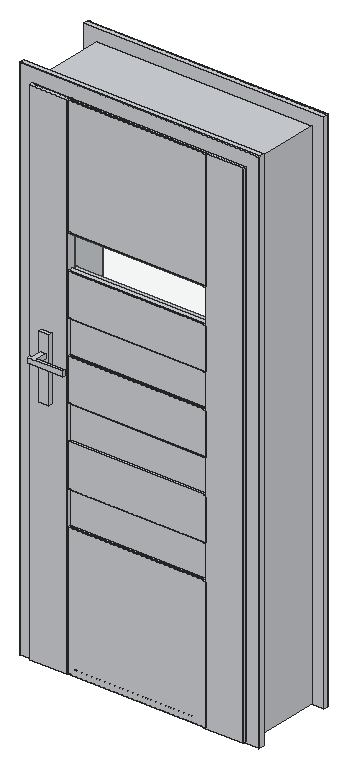
Revit family "porta_koncept_H1", category Drzwi, Revit 2016
Family settings
  Obiekt nadrzędny = Ściana
  Zawsze pionowo = Tak
  Tnij formami wycięć po wczytaniu = Nie
  Współdzielony = Nie
  Punkt obliczania pomieszczeń = Nie
Parameters (values of type "PN 80")
  Wysokość brutto = 2060 mm
  Szerokość brutto = 880 mm
  Model = "Koncept"
  Konstrukcja analityczna = "<Brak>"
  Funkcja = Wewnętrzna
  URL = "www.porta.com.pl"
  Ss = 844 mm
  Sb = 846 mm
  Producent = "PORTA KMI POLAND"
  Keynote = ""
  Description = ""
  Wysokość = 2016 mm
  Zakończenie ściany = Wg obiektu nadrzędnego
  Szerokość = 800 mm
  Materiał_skrzydło [instance] = none
  Materiał_ościeżnica [instance] = none
  Materiał_klamka [instance] = none
  Informacja = "Własność Porta KMI Poland, wszelkie prawa zastrzeżone."  # constant formula
  Hs = 2030 mm
Types (6, lengths in mm): name | Szerokość brutto | Model | Ss | Sb | Description | Szerokość
  PN 70 | 780 | 0 | 744 | 746 | "Biblioteki CAD produktów firmy PORTA KMI POLAND wraz z ich wizualizacjami są chronione prawami własności przemysłowej i intelektualnej. Można je wykorzystywać do handlowych celów osobistych poprzez zastosowanie w projektach, jednak nie wolno ich powielać, modyfikować, licencjonować ani publikować, w całości ani w części, chyba że celem przeglądania, bez uprzedniej pisemnej zgody PORTA KMI Poland. www.porta.com.pl" | 700
  PN 60 | 680 | 0 | 644 | 646 | "Biblioteki CAD produktów firmy PORTA KMI POLAND wraz z ich wizualizacjami są chronione prawami własności przemysłowej i intelektualnej. Można je wykorzystywać do handlowych celów osobistych poprzez zastosowanie w projektach, jednak nie wolno ich powielać, modyfikować, licencjonować ani publikować, w całości ani w części, chyba że celem przeglądania, bez uprzedniej pisemnej zgody PORTA KMI Poland. www.porta.com.pl" | 600
  PN 80 | 880 | "Koncept" | 844 | 846 | "" | 800
  PN 90 | 980 | 0 | 944 | 946 | "Biblioteki CAD produktów firmy PORTA KMI POLAND wraz z ich wizualizacjami są chronione prawami własności przemysłowej i intelektualnej. Można je wykorzystywać do handlowych celów osobistych poprzez zastosowanie w projektach, jednak nie wolno ich powielać, modyfikować, licencjonować ani publikować, w całości ani w części, chyba że celem przeglądania, bez uprzedniej pisemnej zgody PORTA KMI Poland. www.porta.com.pl" | 900
  PN 100 | 1080 | 0 | 1044 | 1046 | "Biblioteki CAD produktów firmy PORTA KMI POLAND wraz z ich wizualizacjami są chronione prawami własności przemysłowej i intelektualnej. Można je wykorzystywać do handlowych celów osobistych poprzez zastosowanie w projektach, jednak nie wolno ich powielać, modyfikować, licencjonować ani publikować, w całości ani w części, chyba że celem przeglądania, bez uprzedniej pisemnej zgody PORTA KMI Poland. www.porta.com.pl" | 1000
  PN 110 | 1180 | 0 | 1144 | 1146 | "Biblioteki CAD produktów firmy PORTA KMI POLAND wraz z ich wizualizacjami są chronione prawami własności przemysłowej i intelektualnej. Można je wykorzystywać do handlowych celów osobistych poprzez zastosowanie w projektach, jednak nie wolno ich powielać, modyfikować, licencjonować ani publikować, w całości ani w części, chyba że celem przeglądania, bez uprzedniej pisemnej zgody PORTA KMI Poland. www.porta.com.pl" | 1100
Reference planes
  plane 1: y = 0
  plane 2 "Środek (Lewa/Prawa)": x = 0
  plane 3 "Lewy": x = -440
  plane 4 "Prawy": x = 440
  plane 5: z = 2060
  plane 6 "Zewnętrzna": y = 150
  plane 7 "Wewnętrzna": y = -150
  plane 8 "skrzydło": y = -144.5
Forms (mm)
  Sweep 1, solid, material <- "Materiał_ościeżnica"
    path in 3D
      loop
        line (-440, -150, 0) -> (-440, -150, 2060) -> (440, -150, 2060) -> (440, -150, 0)
    profile origin (-440, -150, 1030) x (0, -1, 0) y (1, 0, 0)
      loop
        line (-10, 39) -> (-72, 39) -> (-72, 17) -> (0, 17) -> (0, -33) -> (16, -33)
        arc (16, -33) -> (18.121, -32.121) -> (19, -30) r 3
        line (19, -30) -> (19, 24)
        arc (19, 24) -> (18.121, 26.121) -> (16, 27) r 3
        line (16, 27) -> (-10, 27) -> (-10, 39)
  Sweep 2, solid, material <- "Materiał_ościeżnica"
    path in 3D
      loop
        line (440, 150, 0) -> (440, 150, 2060) -> (-440, 150, 2060) -> (-440, 150, 0)
    profile origin (-440, 150, 1030) x (1, 0, 0) y (0, 1, 0)
      loop
        line (-33, 0) -> (17, 0) -> (17, -228) -> (39, -228) -> (39, -1)
        arc (39, -1) -> (37.536, 2.536) -> (34, 4) r 5
        line (34, 4) -> (25, 4) -> (25, 16)
        arc (25, 16) -> (24.121, 18.121) -> (22, 19) r 3
        line (22, 19) -> (-30, 19)
        arc (-30, 19) -> (-32.121, 18.121) -> (-33, 16) r 3
        line (-33, 16) -> (-33, 0)
  Sweep 3, solid, not visible
    path in 3D
      loop
        line (-440, -150, 0) -> (-440, -150, 2060)
    profile origin (-440, -150, 1030) x (0, -1, 0) y (1, 0, 0)
      loop
        line (-151, 17) -> (-149, 17) -> (-149, 19) -> (-151, 19) -> (-151, 17)
Cuts and joins
  joined: Sweep 1, Sweep 2
Lines and regions (mm)
  Opening 1
    outline origin (-3050, -150, 0) x (1, 0, 0) y (0, 0, 1)
      loop
        line (2610, 0) -> (3490, 0) -> (3490, 2060) -> (2610, 2060) -> (2610, 0)
  sketch lines
    curve 1: line (-440, -150, 0) -> (-440, -150, 2060)
    curve 2: line (-440, -150, 2060) -> (440, -150, 2060)
    curve 3: line (440, -150, 2060) -> (440, -150, 0)
    curve 4: line (-440, 150, 2060) -> (-440, 150, 0)
    curve 5: line (440, 150, 2060) -> (-440, 150, 2060)
    curve 6: line (440, 150, 0) -> (440, 150, 2060)
    curve 12: line (-440, -150, 0) -> (-440, -150, 2060)
  symbolic lines, style "DoorsPanelProjection"
    curve 7: line (422, -150, 0) -> (422, -994, 0)
    curve 8: line (422, -994, 0) -> (382, -994, 0)
    curve 9: line (382, -994, 0) -> (382, -150, 0)
    curve 10: line (382, -150, 0) -> (422, -150, 0)
  symbolic lines, style "Ugięcie rzutu"
    curve 11: arc (-422, -150, 0) -> (-174.798, -746.798, 0) -> (422, -994, 0) r 844
Text (mm)
  text "Zewnętrzna" at (-2295.016, 1099.543, 0), in view "Poziom odniesienia"
  text "Zewnętrzna" at (0, 1615.38, 3698.081), in view "Lewy"
  text "Zewnętrzna" at (0, 1036.032, 3874.932), in view "Prawy"
Dimensions and locks
  equal spacing: plane 3 "Lewy", plane 2 "Środek (Lewa/Prawa)", plane 4 "Prawy"
  "Szerokość brutto": plane 3 "Lewy" to plane 4 "Prawy"
  "Wysokość brutto": plane 5 to host wall
  host wall to plane 5 = 2060 mm  (x2)
  locked: plane 6 "Zewnętrzna" to host wall at 0
  locked: plane 7 "Wewnętrzna" to host wall
  "Sb": Sweep 1 to Sweep 1
  locked: Sweep 1 sketch curve to Sweep 1 sketch curve at 22
  Sweep 1 sketch curve to Sweep 1 sketch curve = 50 mm
  locked: Sweep 1 sketch curve to profile plane at 72
  locked: Sweep 2 sketch curve to Sweep 2 sketch curve at 50
  locked: Sweep 2 sketch curve to Sweep 2 sketch curve at 22
  locked: Sweep 2 sketch curve to plane 6 "Zewnętrzna" at 1
  locked: curve 9 to curve 7 at 40
  "Ss": curve 8 to curve 10
  equal spacing: curve 11, plane 2 "Środek (Lewa/Prawa)", curve 7
  locked: plane 7 "Wewnętrzna" to plane 8 "skrzydło" at 5.5
  locked: host wall to Sweep 3 sketch curve at 1
  locked: Sweep 3 sketch curve to host wall at 1
  locked: Sweep 3 sketch curve to plane 6 "Zewnętrzna" at 151
  locked: plane 7 "Wewnętrzna" to Sweep 3 sketch curve at 151
  equal spacing: nested 1, plane 2 "Środek (Lewa/Prawa)", nested 1
  locked: nested 1 to level at 8
  aligned and locked: plane 3 "Lewy" to Opening 1 sketch curve
  aligned and locked: plane 5 to Opening 1 sketch curve  (x2)
  aligned and locked: Opening 1 sketch curve to plane 4 "Prawy"
  aligned and locked: Opening 1 sketch curve to level
  aligned and locked: plane 1 to host wall
  aligned and locked: Sweep 1 to Sweep 2 sketch curve
  aligned and locked: plane 7 "Wewnętrzna" to curve 10
  aligned and locked: Sweep 3 sketch curve to cut or joined group of Sweep 1, Sweep 2
  aligned and locked: Sweep 2 sketch curve to cut or joined group of Sweep 1, Sweep 2
  aligned and locked: nested 1 to plane 8 "skrzydło"
Automatic sketch dimensions
  profile plane to Sweep 1 sketch curve = 10 mm
  Sweep 1 sketch curve to profile plane = 16 mm  (x2)
  Sweep 1 sketch curve to Sweep 1 sketch curve = 3 mm
  profile plane to Sweep 1 sketch curve = 17 mm
  Sweep 1 sketch curve to Sweep 1 sketch curve = 7 mm
  Sweep 1 sketch curve to profile plane = 0 mm
  Sweep 2 sketch curve to profile plane = 0 mm
  Sweep 2 sketch curve to profile plane = 16 mm
  Sweep 2 sketch curve to Sweep 2 sketch curve = 3 mm
  Sweep 2 sketch curve to Sweep 2 sketch curve = 5 mm
  Sweep 2 sketch curve to profile plane = 4 mm
  Sweep 2 sketch curve to Sweep 2 sketch curve = 8 mm
  curve 11 to host wall = 0 mm
  Sweep 3 sketch curve to Sweep 3 sketch curve = 2 mm
Nested families
  nested 1: "skrzydło" at (0, -151, 0), Materiał_klamka <- "Materiał_klamka", Materiał_skrzydło <- "Materiał_skrzydło", type "skrzydło"
    with Materiał_skrzydło none, Materiał_klamka none
Definition of nested family "skrzydło"
  Parameters
    Ss = 844 mm
    Materiał_skrzydło [instance] = none
    Materiał_klamka [instance] = none
    Hs = 2030 mm
  Reference planes
    plane 1 "Tył": y = 6.5
    plane 2: z = 0
    plane 3 "Środek (Lewa/Prawa)": x = 0
    plane 4 "Lewa": x = -422
    plane 5 "Prawa": x = 422
    plane 6 "Przód": y = -33.5
    plane 7: z = 2038
    plane 8 "Centrum": y = -13.5
    plane 9: x = -409
    plane 10: z = 8
    plane 11: x = 409
    plane 12: x = -272
    plane 13: x = 272
    plane 14: z = 2025
  Forms (mm)
    Extrusion 1, solid, material <- "Materiał_skrzydło"
      sketch origin (-1191.728, -1524, 8) x (-1, 0, 0) y (0, -1, 0)
        loop
          line (-1465.378, -1490.5) -> (-1612.078, -1490.5)
          arc (-1612.078, -1490.5) -> (-1613.244, -1490.983) -> (-1613.728, -1492.15) r 1.65
          line (-1613.728, -1492.15) -> (-1613.728, -1501.85)
          arc (-1613.728, -1501.85) -> (-1613.244, -1503.017) -> (-1612.078, -1503.5) r 1.65
          line (-1612.078, -1503.5) -> (-1602.078, -1503.5)
          arc (-1602.078, -1503.5) -> (-1601.123, -1503.895) -> (-1600.728, -1504.85) r 1.35
          line (-1600.728, -1504.85) -> (-1600.728, -1528.85)
          arc (-1600.728, -1528.85) -> (-1600.244, -1530.017) -> (-1599.078, -1530.5) r 1.65
          line (-1599.078, -1530.5) -> (-1465.378, -1530.5)
          arc (-1465.378, -1530.5) -> (-1464.211, -1530.017) -> (-1463.728, -1528.85) r 1.65
          line (-1463.728, -1528.85) -> (-1463.728, -1492.15)
          arc (-1463.728, -1492.15) -> (-1464.211, -1490.983) -> (-1465.378, -1490.5) r 1.65
      from 0 to 2030
    Extrusion 2, void
      sketch origin (0, 0, 0) x (0, -1, 0) y (0, 0, 1)
        loop
          line (-6.5, 2025) -> (20.5, 2025) -> (20.5, 2038) -> (-6.5, 2038) -> (-6.5, 2025)
      from -422 to 422
    Extrusion 3, solid, material <- "Materiał_skrzydło"
      sketch origin (0, 0, 0) x (0, 1, 0) y (0, 0, 1)
        loop
          line (4, 1568.15) -> (4, 2023.35)
          arc (4, 2023.35) -> (3.517, 2024.517) -> (2.35, 2025) r 1.65
          line (2.35, 2025) -> (-19.15, 2025)
          arc (-19.15, 2025) -> (-20.105, 2025.395) -> (-20.5, 2026.35) r 1.35
          line (-20.5, 2026.35) -> (-20.5, 2036.35)
          arc (-20.5, 2036.35) -> (-20.983, 2037.517) -> (-22.15, 2038) r 1.65
          line (-22.15, 2038) -> (-29.35, 2038)
          arc (-29.35, 2038) -> (-30.517, 2037.517) -> (-31, 2036.35) r 1.65
          line (-31, 2036.35) -> (-31, 1568.15)
          arc (-31, 1568.15) -> (-30.517, 1566.983) -> (-29.35, 1566.5) r 1.65
          line (-29.35, 1566.5) -> (2.35, 1566.5)
          arc (2.35, 1566.5) -> (3.517, 1566.983) -> (4, 1568.15) r 1.65
        loop
          line (2.35, 529.5) -> (-29.35, 529.5)
          arc (-29.35, 529.5) -> (-30.517, 529.017) -> (-31, 527.85) r 1.65
          line (-31, 527.85) -> (-31, 9.65)
          arc (-31, 9.65) -> (-30.517, 8.483) -> (-29.35, 8) r 1.65
          line (-29.35, 8) -> (-25, 8)
          arc (-25, 8) -> (-23.833, 8.483) -> (-23.35, 9.65) r 1.65
          arc (-23.35, 9.65) -> (-22.955, 10.605) -> (-22, 11) r 1.35
          line (-22, 11) -> (-5, 11)
          arc (-5, 11) -> (-4.045, 10.605) -> (-3.65, 9.65) r 1.35
          arc (-3.65, 9.65) -> (-3.167, 8.483) -> (-2, 8) r 1.65
          line (-2, 8) -> (2.35, 8)
          arc (2.35, 8) -> (3.517, 8.483) -> (4, 9.65) r 1.65
          line (4, 9.65) -> (4, 527.85)
          arc (4, 527.85) -> (3.517, 529.017) -> (2.35, 529.5) r 1.65
        loop
          line (2.35, 831.25) -> (-29.35, 831.25)
          arc (-29.35, 831.25) -> (-30.517, 830.767) -> (-31, 829.6) r 1.65
          line (-31, 829.6) -> (-31, 662.9)
          arc (-31, 662.9) -> (-30.517, 661.733) -> (-29.35, 661.25) r 1.65
          line (-29.35, 661.25) -> (2.35, 661.25)
          arc (2.35, 661.25) -> (3.517, 661.733) -> (4, 662.9) r 1.65
          line (4, 662.9) -> (4, 829.6)
          arc (4, 829.6) -> (3.517, 830.767) -> (2.35, 831.25) r 1.65
        loop
          line (2.35, 1133) -> (-29.35, 1133)
          arc (-29.35, 1133) -> (-30.517, 1132.517) -> (-31, 1131.35) r 1.65
          line (-31, 1131.35) -> (-31, 964.65)
          arc (-31, 964.65) -> (-30.517, 963.483) -> (-29.35, 963) r 1.65
          line (-29.35, 963) -> (2.35, 963)
          arc (2.35, 963) -> (3.517, 963.483) -> (4, 964.65) r 1.65
          line (4, 964.65) -> (4, 1131.35)
          arc (4, 1131.35) -> (3.517, 1132.517) -> (2.35, 1133) r 1.65
        loop
          line (2.35, 1434.75) -> (-29.35, 1434.75)
          arc (-29.35, 1434.75) -> (-30.517, 1434.267) -> (-31, 1433.1) r 1.65
          line (-31, 1433.1) -> (-31, 1266.4)
          arc (-31, 1266.4) -> (-30.517, 1265.233) -> (-29.35, 1264.75) r 1.65
          line (-29.35, 1264.75) -> (2.35, 1264.75)
          arc (2.35, 1264.75) -> (3.517, 1265.233) -> (4, 1266.4) r 1.65
          line (4, 1266.4) -> (4, 1433.1)
          arc (4, 1433.1) -> (3.517, 1434.267) -> (2.35, 1434.75) r 1.65
      from -272 to 272
    Extrusion 4, solid
      sketch origin (-892.016, -13.5, 1200) x (-1, 0, 0) y (0, 0, 1)
        loop
          line (-620.016, 366.5) -> (-1164.016, 366.5) -> (-1164.016, 234.75) -> (-620.016, 234.75) -> (-620.016, 366.5)
      from -2 to 2
    Extrusion 5, solid, material <- "Materiał_skrzydło"
      sketch origin (-892.016, -13.5, 1200) x (-1, 0, 0) y (0, 0, 1)
        loop
          line (-620.016, -67) -> (-620.016, 64.75) -> (-1164.016, 64.75) -> (-1164.016, -67) -> (-620.016, -67)
      from -6 to 6
    Extrusion 6, solid, material <- "Materiał_skrzydło"
      sketch origin (-892.016, -13.5, 1200) x (-1, 0, 0) y (0, 0, 1)
        loop
          line (-620.016, -237) -> (-1164.016, -237) -> (-1164.016, -368.75) -> (-620.016, -368.75) -> (-620.016, -237)
      from -6 to 6
    Extrusion 7, solid, material <- "Materiał_skrzydło"
      sketch origin (-892.016, -13.5, 1200) x (-1, 0, 0) y (0, 0, 1)
        loop
          line (-620.016, -538.75) -> (-1164.016, -538.75) -> (-1164.016, -670.5) -> (-620.016, -670.5) -> (-620.016, -538.75)
      from -6 to 6
    Extrusion 8, solid, material <- "Materiał_skrzydło"
      sketch origin (-1191.728, -1524, 8) x (-1, 0, 0) y (0, -1, 0)
        loop
          arc (-918.078, -1490.5) -> (-919.244, -1490.983) -> (-919.728, -1492.15) r 1.65
          line (-919.728, -1492.15) -> (-919.728, -1528.85)
          arc (-919.728, -1528.85) -> (-919.244, -1530.017) -> (-918.078, -1530.5) r 1.65
          line (-918.078, -1530.5) -> (-784.378, -1530.5)
          arc (-784.378, -1530.5) -> (-783.211, -1530.017) -> (-782.728, -1528.85) r 1.65
          line (-782.728, -1528.85) -> (-782.728, -1504.85)
          arc (-782.728, -1504.85) -> (-782.332, -1503.895) -> (-781.378, -1503.5) r 1.35
          line (-781.378, -1503.5) -> (-771.378, -1503.5)
          arc (-771.378, -1503.5) -> (-770.211, -1503.017) -> (-769.728, -1501.85) r 1.65
          line (-769.728, -1501.85) -> (-769.728, -1492.15)
          arc (-769.728, -1492.15) -> (-770.211, -1490.983) -> (-771.378, -1490.5) r 1.65
          line (-771.378, -1490.5) -> (-918.078, -1490.5)
      from 0 to 2030
  Cuts and joins
    Extrusion 2 cuts Extrusion 1
    Extrusion 2 cuts Extrusion 8
  Dimensions and locks
    equal spacing: plane 4 "Lewa", plane 3 "Środek (Lewa/Prawa)", plane 5 "Prawa"
    "Ss": plane 4 "Lewa" to plane 5 "Prawa"
    locked: plane 4 "Lewa" to plane 9 at 13
    locked: plane 10 to level at 8
    "Hs": plane 7 to plane 10
    locked: plane 5 "Prawa" to plane 11 at 13
    locked: plane 9 to nested 1 at 35
    locked: nested 1 to plane 10 at 934
    locked: plane 10 to nested 2 at 934
    equal spacing: plane 6 "Przód", plane 8 "Centrum", plane 1 "Tył"
    locked: plane 7 to plane 14 at 13
    locked: plane 12 to plane 4 "Lewa" at 150
    locked: plane 5 "Prawa" to plane 13 at 150
    locked: plane 1 "Tył" to Extrusion 2 sketch curve at 27
    aligned and locked: nested 1 to plane 6 "Przód"
    aligned and locked: plane 5 "Prawa" to Extrusion 1 sketch curve
    aligned and locked: Extrusion 1 sketch curve to plane 11
    aligned and locked: Extrusion 1 sketch curve to plane 1 "Tył"
    aligned and locked: Extrusion 1 sketch curve to plane 6 "Przód"
    aligned and locked: Extrusion 1 sketch curve to plane 13
    aligned and locked: plane 7 to Extrusion 1
    aligned and locked: Extrusion 2 sketch curve to plane 14
    aligned and locked: Extrusion 2 sketch curve to plane 1 "Tył"
    aligned and locked: plane 7 to Extrusion 2 sketch curve
    aligned and locked: Extrusion 2 to plane 4 "Lewa"
    aligned and locked: plane 5 "Prawa" to Extrusion 2
    aligned and locked: Extrusion 3 to plane 12
    aligned and locked: plane 13 to Extrusion 3
    aligned and locked: plane 12 to Extrusion 4 sketch curve
    aligned and locked: plane 13 to Extrusion 4 sketch curve
    aligned and locked: Extrusion 3 to Extrusion 5 sketch curve  (x2)
    aligned and locked: plane 12 to Extrusion 6 sketch curve
    aligned and locked: plane 13 to Extrusion 6 sketch curve
    aligned and locked: plane 12 to Extrusion 7 sketch curve
    aligned and locked: plane 13 to Extrusion 7 sketch curve
    aligned and locked: plane 4 "Lewa" to Extrusion 8 sketch curve
    aligned and locked: Extrusion 8 sketch curve to plane 12
    aligned and locked: plane 7 to Extrusion 8
    aligned and locked: nested 2 to nested 1
  Automatic sketch dimensions
    Extrusion 1 sketch curve to Extrusion 1 sketch curve = 1.65 mm  (x4)
    Extrusion 1 sketch curve to Extrusion 1 sketch curve = 1.35 mm
    Extrusion 1 sketch curve to Extrusion 1 sketch curve = 10 mm
    plane 1 "Tył" to Extrusion 1 sketch curve = 25.65 mm
    Extrusion 3 sketch curve to plane 7 = 0 mm
    Extrusion 3 sketch curve to plane 10 = 0 mm  (x2)
    Extrusion 3 sketch curve to plane 14 = 0 mm
    plane 6 "Przód" to Extrusion 3 sketch curve = 2.5 mm  (x5)
    plane 10 to Extrusion 3 sketch curve = 1.65 mm  (x3)
    Extrusion 3 sketch curve to Extrusion 3 sketch curve = 1.65 mm  (x15)
    Extrusion 3 sketch curve to Extrusion 3 sketch curve = 4.35 mm
    Extrusion 3 sketch curve to Extrusion 3 sketch curve = 0 mm  (x2)
    Extrusion 3 sketch curve to Extrusion 3 sketch curve = 7.2 mm
    Extrusion 3 sketch curve to Extrusion 3 sketch curve = 1.35 mm  (x2)
    plane 8 "Centrum" to Extrusion 3 sketch curve = 8.5 mm
    plane 1 "Tył" to Extrusion 3 sketch curve = 4.15 mm  (x9)
    Extrusion 3 sketch curve to plane 14 = 1.65 mm
    Extrusion 3 sketch curve to Extrusion 3 sketch curve = 516.85 mm
    Extrusion 3 sketch curve to Extrusion 3 sketch curve = 131.75 mm  (x4)
    Extrusion 3 sketch curve to Extrusion 3 sketch curve = 166.7 mm  (x3)
    Extrusion 4 sketch curve to Extrusion 4 sketch curve = 131.75 mm
    Extrusion 4 sketch curve to plane 7 = 471.5 mm
    Extrusion 5 sketch curve to plane 7 = 773.25 mm
    Extrusion 5 sketch curve to Extrusion 5 sketch curve = 131.75 mm
    plane 10 to Extrusion 6 sketch curve = 823.25 mm
    Extrusion 6 sketch curve to Extrusion 6 sketch curve = 131.75 mm
    plane 10 to Extrusion 7 sketch curve = 521.5 mm
    Extrusion 7 sketch curve to Extrusion 7 sketch curve = 131.75 mm
    Extrusion 8 sketch curve to Extrusion 8 sketch curve = 1.65 mm  (x4)
    Extrusion 8 sketch curve to Extrusion 8 sketch curve = 1.35 mm
    Extrusion 8 sketch curve to Extrusion 8 sketch curve = 10 mm
    Extrusion 8 sketch curve to Extrusion 8 sketch curve = 0 mm
    plane 6 "Przód" to Extrusion 8 sketch curve = 40 mm
    Extrusion 8 sketch curve to Extrusion 8 sketch curve = 24 mm
    Extrusion 8 sketch curve to Extrusion 8 sketch curve = 9.7 mm
  Nested families
    nested 1: "KLAMKA" at (-354, -33.5, 1067), Materiał klamki <- "Materiał_klamka", type "KLAMKA"
      with Materiał klamki none
    nested 2: "KLAMKA" at (-354, 6.5, 1067), Materiał klamki <- "Materiał_klamka", type "KLAMKA"
      with Materiał klamki none
  Definition of nested family "KLAMKA"
    Parameters
      Materiał klamki [instance] = none
      Assembly Code = ""
      Default Elevation = 1219.2 mm
    Reference planes
      plane 1 "Center (Front/Back)": y = 0
      plane 2: z = 0
      plane 3 "Center (Left/Right)": x = 0
      plane 4: z = 125
      plane 5: z = -125
      plane 6: x = 20
      plane 7: x = -20
      plane 8: y = -70
      plane 9: y = -60
      plane 10: x = 10
      plane 11: x = -10
      plane 12: x = 120
      plane 13: z = 35
      plane 14: z = 55
      plane 15: y = -15
    Forms (mm)
      Extrusion 1, solid, material <- "Materiał klamki"
        sketch origin (0, 0, 0) x (1, 0, 0) y (0, 0, 1)
          loop
            line (-20, 125) -> (-20, -125) -> (20, -125) -> (20, 125) -> (-20, 125)
        from 0 to 15
      Extrusion 2, solid, material <- "Materiał klamki"
        sketch origin (0, 0, 0) x (1, 0, 0) y (0, 1, 0)
          loop
            line (-10, -15) -> (-10, -60) -> (-20, -60) -> (-20, -70) -> (120, -70) -> (120, -60) -> (10, -60) -> (10, -15) -> (-10, -15)
        from 35 to 55
    Dimensions and locks
      equal spacing: plane 4, plane 2, plane 5
      plane 4 to plane 5 = 250 mm
      equal spacing: plane 7, plane 3 "Center (Left/Right)", plane 6
      plane 7 to plane 6 = 40 mm
      plane 8 to plane 1 "Center (Front/Back)" = 70 mm
      plane 11 to plane 3 "Center (Left/Right)" to plane 10 = 10 mm locked, 10 mm locked
      plane 7 to plane 12 = 140 mm
      plane 15 to plane 1 "Center (Front/Back)" = 15 mm
      aligned and locked: plane 7 to Extrusion 1 sketch curve
      aligned and locked: Extrusion 1 sketch curve to plane 4
      aligned and locked: plane 5 to Extrusion 1 sketch curve
      aligned and locked: Extrusion 1 sketch curve to plane 6
      aligned and locked: plane 15 to Extrusion 1
      aligned and locked: Extrusion 1 to plane 1 "Center (Front/Back)"
      aligned and locked: plane 14 to Extrusion 2
      aligned and locked: Extrusion 2 to plane 13
    Automatic sketch dimensions
      Extrusion 2 sketch curve to plane 7 = 0 mm
      Extrusion 2 sketch curve to plane 9 = 0 mm  (x2)
      Extrusion 2 sketch curve to plane 11 = 0 mm
      Extrusion 2 sketch curve to plane 10 = 0 mm
      Extrusion 2 sketch curve to plane 12 = 0 mm
      Extrusion 2 sketch curve to plane 8 = 0 mm
      Extrusion 2 sketch curve to plane 15 = 0 mm
